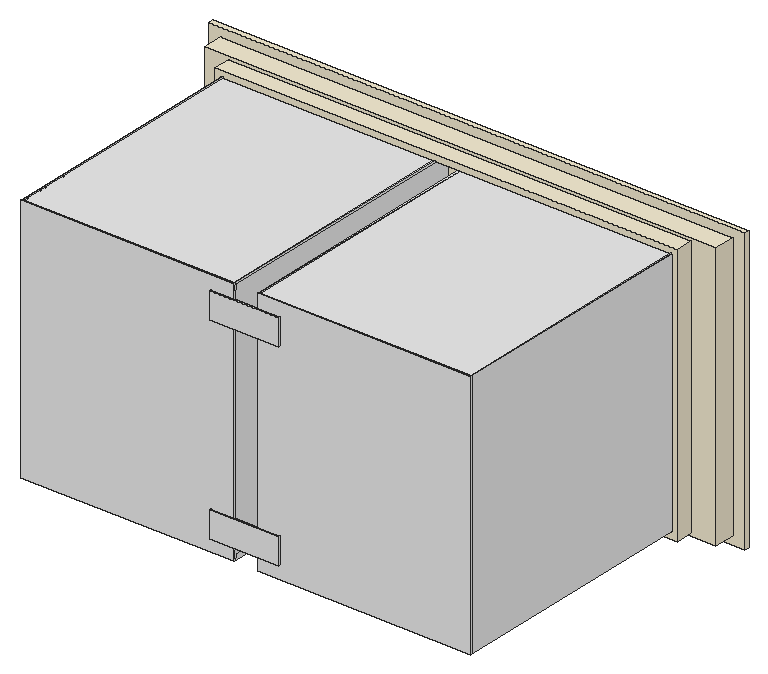
Revit family "Mailboxes_4C-Salsbury_Industries-Front_Load-4_Door_High_Units", category Specialty Equipment, host Wall, Revit 2016 (continued)
Definition of nested family "3700 Series 4C OM2 Configuration"
  Forms (in)
    Blend 7, solid, material <- "Front Panel Material", detail levels medium+fine
      top sketch origin (1.3125, -0.12695, 2.68123) x (-1, 0, 0) y (0, 0, 1)
        loop
          circle (4.202, -0.40977) r 0.3125
      from -0.11328 to 0
    Blend 8, solid, material <- "Front Panel Material", detail levels medium+fine
      base sketch origin (0, -0.12695, 1.36923) x (-1, 0, 0) y (0, 0, 1)
        loop
          circle (5.7025, -0.40977) r 0.15665
      top sketch origin (0, -0.12695, 1.36923) x (-1, 0, 0) y (0, 0, 1)
        loop
          circle (5.7025, -0.40977) r 0.3125
      from -0.11328 to 0
    Blend 9, solid, material <- "Front Panel Material", detail levels medium+fine
      base sketch origin (1.3125, -0.12695, 1.36923) x (-1, 0, 0) y (0, 0, 1)
        loop
          circle (4.202, -0.40977) r 0.15665
      top sketch origin (1.3125, -0.12695, 1.36923) x (-1, 0, 0) y (0, 0, 1)
        loop
          circle (4.202, -0.40977) r 0.3125
      from -0.11328 to 0
    Blend 10, solid, material <- "Front Panel Material", detail levels medium+fine
      base sketch origin (9.8895, -0.12695, 2.68123) x (-1, 0, 0) y (0, 0, 1)
        loop
          circle (4.202, -0.40977) r 0.15665
      top sketch origin (9.8895, -0.12695, 2.68123) x (-1, 0, 0) y (0, 0, 1)
        loop
          circle (4.202, -0.40977) r 0.3125
      from -0.11328 to 0
    Blend 11, solid, material <- "Front Panel Material", detail levels medium+fine
      base sketch origin (9.8895, -0.12695, 1.36923) x (-1, 0, 0) y (0, 0, 1)
        loop
          circle (4.202, -0.40977) r 0.15665
      top sketch origin (9.8895, -0.12695, 1.36923) x (-1, 0, 0) y (0, 0, 1)
        loop
          circle (4.202, -0.40977) r 0.3125
      from -0.11328 to 0
    Extrusion 12, solid, material <- "Lock Material"
      sketch origin (0, -0.12695, 0) x (-1, 0, 0) y (0, 0, 1)
        loop
          line (1.96028, 2.61547) -> (-1.64128, 2.61547)
          arc (-1.64128, 2.61547) -> (-1.78215, 2.55712) -> (-1.8405, 2.41625) r 0.19922
          line (-1.8405, 2.41625) -> (-1.8405, 0.81469)
          arc (-1.8405, 0.81469) -> (-1.78215, 0.67382) -> (-1.64128, 0.61547) r 0.19922
          line (-1.64128, 0.61547) -> (1.96028, 0.61547)
          arc (1.96028, 0.61547) -> (2.10115, 0.67382) -> (2.1595, 0.81469) r 0.19922
          line (2.1595, 0.81469) -> (2.1595, 2.41625)
          arc (2.1595, 2.41625) -> (2.10115, 2.55712) -> (1.96028, 2.61547) r 0.19922
      from 0 to -0.03906
    Extrusion 13, solid, material <- "Front Panel Material"
      sketch origin (-2.13946, 0, 3.50047) x (-1, 0, 0) y (0, -1, 0)
        loop
          line (4.54804, -0.12695) -> (4.54804, 0.31995) -> (-8.82696, 0.31995) -> (-8.82696, -0.12695) -> (4.54804, -0.12695)
      from 0 to 3.0094
    Extrusion 14, void
      sketch origin (0, -0.31995, 0) x (0, 0, -1) y (-1, 0, 0)
        loop
          arc (-5.67087, 5.0005) -> (-6.04587, 5.3755) -> (-6.42087, 5.0005) r 0.375
          line (-6.42087, 5.0005) -> (-6.42087, -5.0005)
          arc (-6.42087, -5.0005) -> (-6.04587, -5.3755) -> (-5.67087, -5.0005) r 0.375
          line (-5.67087, -5.0005) -> (-5.67087, 5.0005)
      from 0 to 0.44691
    Extrusion 15, solid, material <- "Front Panel Material"
      sketch origin (0, 0, 0) x (0, 1, 0) y (0, 0, 1)
        loop
          line (0.12695, 6.50987) -> (0.12695, 7.00047) -> (-0.46995, 7.00047) -> (-0.75605, 6.83078) -> (-0.73973, 6.80251) -> (-1.27431, 6.49388) -> (-1.29063, 6.52214) -> (-1.61027, 6.3376)
          arc (-1.61027, 6.3376) -> (-1.63087, 6.31111) -> (-1.62714, 6.27777) r 0.04454
          line (-1.62714, 6.27777) -> (-1.5282, 6.17883)
          arc (-1.5282, 6.17883) -> (-1.4937, 6.16211) -> (-1.4558, 6.15637) r 0.12791
          line (-1.4558, 6.15637) -> (-1.10623, 6.15637) -> (-0.49395, 6.50987) -> (0.12695, 6.50987)
      from -6.6875 to 6.6875
  Cuts and joins
    Extrusion 3 cuts Extrusion 1
    Extrusion 5 cuts Extrusion 4
    Extrusion 14 cuts Extrusion 13
  Lines and regions (in)
    symbolic lines
      curve 1: circle (-5.7025, -0.12695, 2.27147) r 0.3125 normal (0, 1, 0)
      curve 2: circle (-5.7025, -0.12695, 0.95947) r 0.3125 normal (0, 1, 0)
      curve 3: circle (-2.8895, -0.12695, 0.95947) r 0.3125 normal (0, 1, 0)
      curve 4: circle (-2.8895, -0.12695, 2.27147) r 0.3125 normal (0, 1, 0)
      curve 5: circle (-4.3275, -0.12695, 1.61523) r 0.42913 normal (0, 1, 0)
      curve 6: circle (5.6875, -0.12695, 0.95947) r 0.3125 normal (0, 1, 0)
      curve 7: circle (5.6875, -0.12695, 2.27147) r 0.3125 normal (0, 1, 0)
      curve 8: arc (-2.1595, -0.12695, 2.41625) -> (-2.10115, -0.12695, 2.55712) -> (-1.96028, -0.12695, 2.61547) r 0.19922
      curve 9: arc (1.8405, -0.12695, 2.41625) -> (1.78215, -0.12695, 2.55712) -> (1.64128, -0.12695, 2.61547) r 0.19922
      curve 10: arc (1.8405, -0.12695, 0.81469) -> (1.78215, -0.12695, 0.67382) -> (1.64128, -0.12695, 0.61547) r 0.19922
      curve 11: arc (-1.96028, -0.12695, 0.61547) -> (-2.10115, -0.12695, 0.67382) -> (-2.1595, -0.12695, 0.81469) r 0.19922
      curve 12: line (-2.1595, -0.12695, 0.81469) -> (-2.1595, -0.12695, 2.41625)
      curve 13: line (-1.96028, -0.12695, 2.61547) -> (1.64128, -0.12695, 2.61547)
      curve 14: line (1.8405, -0.12695, 2.41625) -> (1.8405, -0.12695, 0.81469)
      curve 15: line (1.64128, -0.12695, 0.61547) -> (-1.96028, -0.12695, 0.61547)
  Dimensions and locks (in)
    equal spacing: plane 6 "Back Face of Door", plane 1 "Center (Front/Back)", plane 7 "Front Face of Door"
    "Door Depth": plane 6 "Back Face of Door" to plane 7 "Front Face of Door"
    equal spacing: plane 4 "Left Side Face of Door", plane 3 "Center (Left/Right)", plane 5 "Right Side Face of Door"
    "Door Width": plane 4 "Left Side Face of Door" to plane 5 "Right Side Face of Door"
    plane 8 to level = 3.23047"
    equal spacing: plane 8, plane 9, level
    locked: plane 7 "Front Face of Door" to plane 10 at 0.343
    "Center Lock-Vertical": plane 4 "Left Side Face of Door" to plane 11 "Center Lock Vertical"
    "Center Lock-Horizontal": plane 8 to plane 12 "Center Lock Horizontal"
    locked: plane 14 "Divider Height Align" to plane 8 at 0.27
    plane 4 "Left Side Face of Door" to plane 16 "Left Stud Align" to plane 17 "Right Stud Align" = 0.985", 2.813"
    plane 8 to plane 18 "Top Stud Align" to plane 19 "Bottom Stud Align" = 0.959", 1.312"
    plane 20 "Hinge Stud Align" to plane 5 "Right Side Face of Door" = 1.000"
    plane 8 to plane 21 "Mail Plate Top" to plane 22 "Mail Plate Bottom" = 0.615", 2.000"
    plane 4 "Left Side Face of Door" to plane 23 to plane 24 = 4.528", 4.000"
    plane 27 "Top of Mail Drop Divider" to plane 26 "Top of Mail Drop Door" to plane 14 "Divider Height Align" = 0.26953" locked, 3.23047"
    "Door Height": plane 27 "Top of Mail Drop Divider" to level
    plane 28 "Face of Mail Drop" to plane 10 = 0.150"
    locked: plane 27 "Top of Mail Drop Divider" to plane 29 "Top of Mail Slot" at 0.5796
    locked: plane 29 "Top of Mail Slot" to plane 30 "Bottom of Mail Slot" at 0.75
    locked: plane 4 "Left Side Face of Door" to plane 31 "Left Edge of Mail Slot" at 1.312
    locked: plane 32 "Right Edge of Mail Slot" to plane 5 "Right Side Face of Door" at 1.312
    locked: plane 33 "Mail Slot Bottom Protusion" to plane 29 "Top of Mail Slot" at 0.089
    plane 28 "Face of Mail Drop" to plane 34 = 0.174"
    plane 33 "Mail Slot Bottom Protusion" to plane 35 = 0.3535"
    plane 28 "Face of Mail Drop" to plane 36 "Front of Awning" = 1.315"
    plane 4 "Left Side Face of Door" to plane 5 "Right Side Face of Door" = 13.375"
    plane 6 "Back Face of Door" to plane 36 "Front of Awning" = 1.76191"
    "Access Lock Offset": plane 39 "Access Lock Offset" to plane 6 "Back Face of Door"
    aligned and locked: level to plane 2 "Bottom of Door"
    aligned and locked: plane 4 "Left Side Face of Door" to Extrusion 1
    aligned and locked: plane 6 "Back Face of Door" to Extrusion 1
    aligned and locked: plane 7 "Front Face of Door" to Extrusion 1
    aligned and locked: Extrusion 1 to level
    aligned and locked: plane 8 to Extrusion 1
    aligned and locked: Extrusion 2 sketch curve to plane 4 "Left Side Face of Door"
    aligned and locked: Extrusion 2 sketch curve to plane 6 "Back Face of Door"
    aligned and locked: plane 5 "Right Side Face of Door" to Extrusion 2 sketch curve
    aligned and locked: Extrusion 2 to plane 8
    aligned and locked: plane 10 to Extrusion 2 sketch curve
    aligned and locked: plane 14 "Divider Height Align" to Extrusion 2
    aligned and locked: plane 4 "Left Side Face of Door" to Extrusion 2
    aligned and locked: Extrusion 2 to plane 5 "Right Side Face of Door"
    aligned and locked: Extrusion 13 to plane 28 "Face of Mail Drop"
    aligned and locked: plane 29 "Top of Mail Slot" to Extrusion 14 sketch curve
    aligned and locked: cut or joined group of Extrusion 13, Extrusion 14 to cut or joined group of Extrusion 13, Extrusion 14
    aligned and locked: cut or joined group of Extrusion 1, Extrusion 3 to plane 2 "Bottom of Door"
  Automatic sketch dimensions
    Extrusion 1 sketch curve to plane 4 "Left Side Face of Door" = 0.000"
    Extrusion 1 sketch curve to plane 6 "Back Face of Door" = 0.000"
    Extrusion 1 sketch curve to plane 7 "Front Face of Door" = 0.000"
    Extrusion 1 sketch curve to plane 5 "Right Side Face of Door" = 0.000"
    Extrusion 1 sketch curve to plane 4 "Left Side Face of Door" = 0.252"
    Extrusion 1 sketch curve to plane 20 "Hinge Stud Align" = 0.36875"
    Extrusion 1 sketch curve to plane 25 "Face of Mail Plate" = 0.07029"
    plane 5 "Right Side Face of Door" to Extrusion 1 sketch curve = 0.195"
    Extrusion 1 sketch curve to plane 25 "Face of Mail Plate" = 0.10562"
    Extrusion 1 sketch curve to plane 13 "Face of Lock" = 0.07658"
    plane 1 "Center (Front/Back)" to Extrusion 1 sketch curve = 0.05445"
    Extrusion 1 sketch curve to plane 13 "Face of Lock" = 0.12063"
    Extrusion 5 sketch curve to plane 11 "Center Lock Vertical" = 0.0293"
    plane 11 "Center Lock Vertical" to Extrusion 5 sketch curve = 0.0293"
    Extrusion 5 sketch curve to plane 9 = 0.30959"
    plane 9 to Extrusion 5 sketch curve = 0.30959"
    plane 16 "Left Stud Align" to Blend 6 sketch curve = 0.000"  (x2)
    Blend 6 sketch curve to plane 18 "Top Stud Align" = 0.000"  (x2)
    plane 17 "Right Stud Align" to Blend 7 sketch curve = 0.000"  (x2)
    Blend 7 sketch curve to plane 18 "Top Stud Align" = 0.000"  (x2)
    plane 16 "Left Stud Align" to Blend 8 sketch curve = 0.000"  (x2)
    Blend 8 sketch curve to plane 19 "Bottom Stud Align" = 0.000"  (x2)
    plane 17 "Right Stud Align" to Blend 9 sketch curve = 0.000"  (x2)
    Blend 9 sketch curve to plane 19 "Bottom Stud Align" = 0.000"  (x2)
    Blend 10 sketch curve to plane 18 "Top Stud Align" = 0.000"  (x2)
    plane 20 "Hinge Stud Align" to Blend 10 sketch curve = 0.000"  (x2)
    Blend 11 sketch curve to plane 19 "Bottom Stud Align" = 0.000"  (x2)
    plane 20 "Hinge Stud Align" to Blend 11 sketch curve = 0.000"  (x2)
    plane 24 to Extrusion 12 sketch curve = 0.000"
    Extrusion 12 sketch curve to plane 22 "Mail Plate Bottom" = 0.000"
    Extrusion 12 sketch curve to plane 21 "Mail Plate Top" = 0.000"
    plane 23 to Extrusion 12 sketch curve = 0.000"
    plane 24 to Extrusion 12 sketch curve = 0.19922"  (x2)
    plane 18 "Top Stud Align" to Extrusion 12 sketch curve = 0.14478"
    Extrusion 12 sketch curve to plane 23 = 0.19922"
    Extrusion 13 sketch curve to plane 5 "Right Side Face of Door" = 0.000"
    Extrusion 13 sketch curve to plane 4 "Left Side Face of Door" = 0.000"
    Extrusion 13 sketch curve to plane 6 "Back Face of Door" = 0.000"
    Extrusion 13 sketch curve to plane 7 "Front Face of Door" = 0.193"
    Extrusion 14 sketch curve to plane 30 "Bottom of Mail Slot" = 0.000"
    plane 32 "Right Edge of Mail Slot" to Extrusion 14 sketch curve = 0.375"
    Extrusion 14 sketch curve to plane 31 "Left Edge of Mail Slot" = 0.375"
    Extrusion 15 sketch curve to plane 35 = 0.000"
    Extrusion 15 sketch curve to plane 33 "Mail Slot Bottom Protusion" = 0.000"
    Extrusion 15 sketch curve to plane 34 = 0.000"
    Extrusion 15 sketch curve to plane 27 "Top of Mail Drop Divider" = 0.000"
    Extrusion 15 sketch curve to plane 6 "Back Face of Door" = 0.000"
    plane 26 "Top of Mail Drop Door" to Extrusion 15 sketch curve = 0.07158"
    Extrusion 15 sketch curve to plane 34 = 0.24578"
    plane 26 "Top of Mail Drop Door" to Extrusion 15 sketch curve = 0.09984"
    Extrusion 15 sketch curve to Extrusion 15 sketch curve = 0.01632"
    plane 37 to Extrusion 15 sketch curve = 0.05062"
    Extrusion 15 sketch curve to plane 33 "Mail Slot Bottom Protusion" = 0.01599"
    plane 33 "Mail Slot Bottom Protusion" to Extrusion 15 sketch curve = 0.01227"
    plane 36 "Front of Awning" to Extrusion 15 sketch curve = 0.17915"
    plane 35 to Extrusion 15 sketch curve = 0.02246"
    Extrusion 15 sketch curve to Extrusion 15 sketch curve = 0.0724"
    plane 36 "Front of Awning" to Extrusion 15 sketch curve = 0.04696"
    plane 36 "Front of Awning" to Extrusion 15 sketch curve = 0.02469"
    plane 36 "Front of Awning" to Extrusion 15 sketch curve = 0.00781"
    Extrusion 15 sketch curve to Extrusion 15 sketch curve = 0.05983"
    Extrusion 4 sketch curve to plane 9 = 0.000"
    plane 11 "Center Lock Vertical" to Extrusion 4 sketch curve = 0.000"
    Extrusion 3 sketch curve to plane 9 = 0.000"
    plane 11 "Center Lock Vertical" to Extrusion 3 sketch curve = 0.000"
    curve 6 to plane 19 "Bottom Stud Align" = 0.000"
    plane 20 "Hinge Stud Align" to curve 6 = 0.000"
    curve 7 to plane 18 "Top Stud Align" = 0.000"
    plane 20 "Hinge Stud Align" to curve 7 = 0.000"
    plane 24 to curve 14 = 0.000"
    curve 9 to plane 21 "Mail Plate Top" = 0.000"
    curve 11 to plane 22 "Mail Plate Bottom" = 0.000"
    plane 23 to curve 12 = 0.000"
    plane 17 "Right Stud Align" to curve 4 = 0.000"
    plane 17 "Right Stud Align" to curve 3 = 0.000"
    curve 5 to plane 9 = 0.000"
    plane 11 "Center Lock Vertical" to curve 5 = 0.000"
    plane 16 "Left Stud Align" to curve 1 = 0.000"
    plane 16 "Left Stud Align" to curve 2 = 0.000"
    curve 2 to plane 19 "Bottom Stud Align" = 0.000"
    curve 3 to plane 19 "Bottom Stud Align" = 0.000"
    curve 1 to plane 18 "Top Stud Align" = 0.000"
    curve 4 to plane 18 "Top Stud Align" = 0.000"
    plane 18 "Top Stud Align" to curve 9 = 0.14478"
    curve 10 to plane 19 "Bottom Stud Align" = 0.14478"
    plane 18 "Top Stud Align" to curve 8 = 0.14478"
    curve 11 to plane 19 "Bottom Stud Align" = 0.14478"
    radius of Blend 6 sketch curve = 0.15665"
    radius of Blend 6 sketch curve = 0.3125"
    radius of Blend 7 sketch curve = 0.15665"
    radius of Blend 7 sketch curve = 0.3125"
    radius of Blend 8 sketch curve = 0.15665"
    radius of Blend 8 sketch curve = 0.3125"
    radius of Blend 9 sketch curve = 0.15665"
    radius of Blend 9 sketch curve = 0.3125"
    radius of Blend 10 sketch curve = 0.15665"
    radius of Blend 10 sketch curve = 0.3125"
    radius of Blend 11 sketch curve = 0.15665"
    radius of Blend 11 sketch curve = 0.3125"
    radius of Extrusion 4 sketch curve = 0.42913"
    radius of Extrusion 3 sketch curve = 0.4375"
    radius of curve 1 = 0.3125"
    radius of curve 2 = 0.3125"
    radius of curve 3 = 0.3125"
    radius of curve 4 = 0.3125"
    radius of curve 5 = 0.42913"
    radius of curve 6 = 0.3125"
    radius of curve 7 = 0.3125"
Types (5): name | Width | Model | Door Slot R4 Number | Door Slot R4 | Door Slot R3 | Door Slot R2 | Door Slot R1 Number | Door Slot R1 | Door Slot L4 Number | Door Slot L4 | Door Slot L3 Number | Door Slot L3 | Door Slot L2 Number | Door Slot L2 | Door Slot L1 Number | Door Slot L1 | Description
  3704D-06 FL | 31.09766" | "3704D-06 FL" | "6" | 3700 Series 4C Door Configurations : MB1 Door w/ Divider | 3700 Series 4C OM2 Configuration : OM2-FL | 3700 Series 4C Door Configurations : Empty | "5" | 3700 Series 4C Door Configurations : MB1 Door | "4" | 3700 Series 4C Door Configurations : MB1 Door w/ Divider | "3" | 3700 Series 4C Door Configurations : MB1 Door w/ Divider | "2" | 3700 Series 4C Door Configurations : MB1 Door w/ Divider | "1" | 3700 Series 4C Door Configurations : MB1 Door | "4 Door High Unit:  6 MB1, OM2"
  3704S-02 FL | 16.344" | "3704S-02 FL" | "2" | 3700 Series 4C Door Configurations : MB1 Door w/ Divider | 3700 Series 4C OM2 Configuration : OM2-FL | 3700 Series 4C Door Configurations : Empty | "1" | 3700 Series 4C Door Configurations : MB1 Door | "0" | 3700 Series 4C Door Configurations : Empty | "0" | 3700 Series 4C Door Configurations : Empty | "0" | 3700 Series 4C Door Configurations : Empty | "0" | 3700 Series 4C Door Configurations : Empty | "4 Door High Unit:  2 MB1, OM2"
  3704D-2P FL | 31.09766" | "3704D-2P FL" | "2P" | 3700 Series 4C Parcel Configurations : PL4 | 3700 Series 4C Door Configurations : Empty | 3700 Series 4C Door Configurations : Empty | "0" | 3700 Series 4C Door Configurations : Empty | "1P" | 3700 Series 4C Parcel Configurations : PL4 | "0" | 3700 Series 4C Door Configurations : Empty | "0" | 3700 Series 4C Door Configurations : Empty | "0" | 3700 Series 4C Door Configurations : Empty | "4 Door High Unit:  2 PL4"
  3704S-01 FL | 16.344" | "3704S-01 FL" | "1" | 3700 Series 4C Door Configurations : MB2 Door w/ Divider | 3700 Series 4C Door Configurations : Empty | 3700 Series 4C OM2 Configuration : OM2-FL | "0" | 3700 Series 4C Door Configurations : Empty | "0" | 3700 Series 4C Door Configurations : Empty | "0" | 3700 Series 4C Door Configurations : Empty | "0" | 3700 Series 4C Door Configurations : Empty | "0" | 3700 Series 4C Door Configurations : Empty | "4 Door High Unit:  1 MB2, OM2"
  3704S-1P FL | 16.344" | "3704S-1P FL" | "1P" | 3700 Series 4C Parcel Configurations : PL4 | 3700 Series 4C Door Configurations : Empty | 3700 Series 4C Door Configurations : Empty | "0" | 3700 Series 4C Door Configurations : Empty | "0" | 3700 Series 4C Door Configurations : Empty | "0" | 3700 Series 4C Door Configurations : Empty | "0" | 3700 Series 4C Door Configurations : Empty | "0" | 3700 Series 4C Door Configurations : Empty | "4 Door High Unit:  1 PL4"
